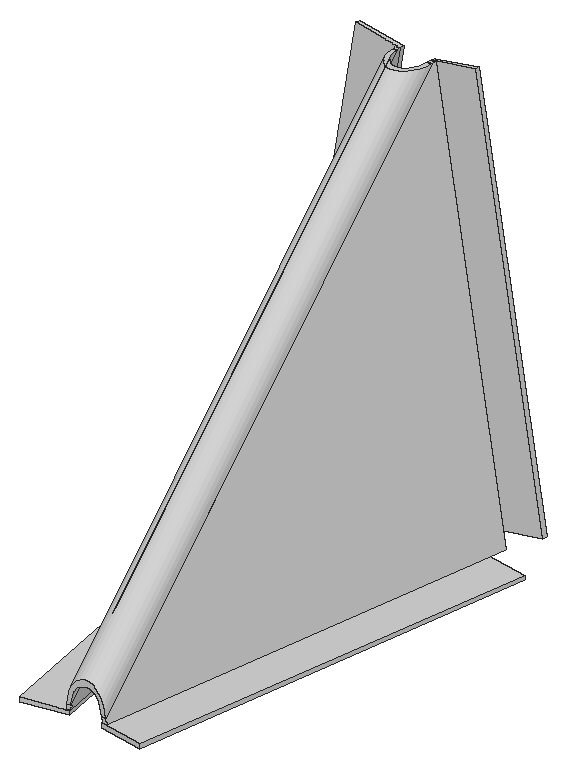
Revit family "EHL_STOP-END CORNER_2170358", category Generic Models, Revit 2018
Family settings
  Can host rebar = No
  Round Connector Dimension = Use Diameter
  Part Type = Normal
  OmniClass Number = 35.51.14.00
  OmniClass Title = FORMWORK
  Work Plane-Based = Yes
  Always vertical = No
  Cut with Voids When Loaded = No
  Shared = Yes
  Room Calculation Point = No
Parameters
  VERSION = "20170217"  # constant formula
  URL = "www.ulmaconstruction.com/en"
  UNICLASS = ""
  Manufacturer = "ULMA CONSTRUCTION"  # constant formula
  ITEM_CODE = "2170358"
  FILTER [instance] = ""
  Default Elevation = 0.000 mm
  CLASSIFICATION_TITLE = ""
  CLASSIFICATION_NUMBER = ""
Reference planes
  plane 1 "Centro (Frontal/Posterior)": y = 0
  plane 2: z = 0
  plane 3 "Centro (Izquierda/Derecha)": x = 0
  plane 4 "INCLINATED PLANE": through (30.083, -213.057, 1200) normal (-0.1674, -0.9859, 0)
Forms (mm)
  Extrusion 1, solid, material "ULMA ZINC"
    sketch origin (0, 0, 0) x (1, 0, 0) y (0, 1, 0)
      loop
        line (-30.083, -213.057) -> (-7.953, -209.3) -> (-41.834, -9.722) -> (-63.964, -13.479) -> (-30.083, -213.057)
      loop
        line (30.083, -213.057) -> (63.964, -13.479) -> (41.834, -9.722) -> (7.953, -209.3) -> (30.083, -213.057)
    from 0 to 2
  Extrusion 2, solid, material "ULMA ZINC"
    sketch origin (0, 0, 0) x (1, 0, 0) y (0, 0, 1)
      loop
        line (-63.964, 13.479) -> (-41.834, 9.722) -> (-7.953, 209.3) -> (-30.084, 213.057) -> (-63.964, 13.479)
      loop
        line (63.964, 13.479) -> (30.083, 213.057) -> (7.953, 209.3) -> (41.834, 9.722) -> (63.964, 13.479)
    from 0 to 2
  Extrusion 3, solid, material "ULMA ZINC"
    sketch origin (-34.314, -202.125, 0) x (0.985894, -0.16737, 0) y (0, 0, 1)
      loop
        line (8.176, 209.3) -> (42.871, 2) -> (44.899, 2) -> (10.148, 209.63) -> (8.176, 209.3)
    from -213.656 to 0
  Extrusion 4, void
    sketch origin (0, 0, 0) x (0, 1, 0) y (0, 0, 1)
      loop
        line (-2, 211.178) -> (-2, -3.822) -> (15.108, -3.822) -> (15.108, 211.178) -> (-2, 211.178)
    from -69.693 to 63.964
  Extrusion 5, solid, material "ULMA ZINC"
    sketch origin (34.314, -202.125, 0) x (-0.985894, -0.16737, 0) y (0, 0, -1)
      loop
        line (8.176, -209.3) -> (10.148, -209.63) -> (44.899, -2) -> (42.871, -2) -> (8.176, -209.3)
    from -213.656 to 0
  Extrusion 6, void
    sketch origin (0, 0, 0) x (0, 1, 0) y (0, 0, 1)
      loop
        line (-2.596, 210.888) -> (-2.596, 225.888) -> (-236.969, 225.888) -> (-236.969, 2.986) -> (-210.499, 2.986) -> (-2.596, 210.888)
    from -56.183 to 50.828
  Extrusion 7, solid, material "ULMA ZINC"
    sketch origin (0, -102.844, -102.844) x (0, 0.707107, -0.707107) y (-1, 0, 0)
      loop
        arc (-150.956, 9.639) -> (-160.595, 0) -> (-150.956, -9.639) r 9.639
        line (-150.956, -9.639) -> (-150.956, -7.639)
        arc (-150.956, -7.639) -> (-158.595, 0) -> (-150.956, 7.639) r 7.639
        line (-150.956, 7.639) -> (-150.956, 9.639)
    from -2.141 to 292.723
  Extrusion 8, void
    sketch origin (0, 0, 0) x (0, 1, 0) y (0, 0, 1)
      loop
        line (-2, 209.3) -> (-2, 219.191) -> (-19.164, 219.191) -> (-19.164, 209.3) -> (-2, 209.3)
    from -14.751 to 12.935
  Extrusion 9, void
    sketch origin (0, 0, 0) x (0, 1, 0) y (0, 0, 1)
      loop
        line (-209.034, 2) -> (-209.034, 19.338) -> (-218.5, 19.338) -> (-218.5, 2) -> (-209.034, 2)
    from -11.744 to 10.425
Cuts and joins
  Extrusion 4, Extrusion 6, Extrusion 8, Extrusion 9 cuts Extrusion 3
  Extrusion 8, Extrusion 9 cuts Extrusion 7
  Extrusion 9 cuts Extrusion 1
  Extrusion 4, Extrusion 6, Extrusion 8, Extrusion 9 cuts Extrusion 5
Lines and regions (mm)
  model lines, style "ULMA EHL COMMON", detail levels fine
    curve 1: circle (-50.459, -21.329, 0) r 2.5 normal (0, 0, 1)
    curve 2: circle (-52.041, -41.884, 0) r 2.5 normal (0, 0, 1)
    curve 3: circle (-43.764, -60.765, 0) r 2.5 normal (0, 0, 1)
    curve 4: circle (-45.347, -81.32, 0) r 2.5 normal (0, 0, 1)
    curve 5: circle (-37.07, -100.201, 0) r 2.5 normal (0, 0, 1)
    curve 6: circle (-38.652, -120.756, 0) r 2.5 normal (0, 0, 1)
    curve 7: circle (-30.375, -139.637, 0) r 2.5 normal (0, 0, 1)
    curve 8: circle (-31.957, -160.191, 0) r 2.5 normal (0, 0, 1)
    curve 9: circle (-23.68, -179.073, 0) r 2.5 normal (0, 0, 1)
    curve 10: circle (-25.263, -199.627, 0) r 2.5 normal (0, 0, 1)
    curve 11: circle (25.263, -199.627, 0) r 2.5 normal (0, 0, 1)
    curve 12: circle (23.681, -179.073, 0) r 2.5 normal (0, 0, 1)
    curve 13: circle (31.957, -160.191, 0) r 2.5 normal (0, 0, 1)
    curve 14: circle (30.376, -139.637, 0) r 2.5 normal (0, 0, 1)
    curve 15: circle (38.653, -120.756, 0) r 2.5 normal (0, 0, 1)
    curve 16: circle (37.07, -100.201, 0) r 2.5 normal (0, 0, 1)
    curve 17: circle (45.347, -81.32, 0) r 2.5 normal (0, 0, 1)
    curve 18: circle (43.765, -60.765, 0) r 2.5 normal (0, 0, 1)
    curve 19: circle (52.041, -41.884, 0) r 2.5 normal (0, 0, 1)
    curve 20: circle (50.46, -21.33, 0) r 2.5 normal (0, 0, 1)
    curve 21: circle (-50.459, -21.329, 2) r 2.5 normal (0, 0, 1)
    curve 22: circle (-52.041, -41.884, 2) r 2.5 normal (0, 0, 1)
    curve 23: circle (-43.764, -60.765, 2) r 2.5 normal (0, 0, 1)
    curve 24: circle (-45.347, -81.32, 2) r 2.5 normal (0, 0, 1)
    curve 25: circle (-37.07, -100.201, 2) r 2.5 normal (0, 0, 1)
    curve 26: circle (-38.652, -120.756, 2) r 2.5 normal (0, 0, 1)
    curve 27: circle (-30.375, -139.637, 2) r 2.5 normal (0, 0, 1)
    curve 28: circle (-31.957, -160.191, 2) r 2.5 normal (0, 0, 1)
    curve 29: circle (-23.68, -179.073, 2) r 2.5 normal (0, 0, 1)
    curve 30: circle (-25.263, -199.627, 2) r 2.5 normal (0, 0, 1)
    curve 31: circle (25.263, -199.627, 2) r 2.5 normal (0, 0, 1)
    curve 32: circle (23.681, -179.073, 2) r 2.5 normal (0, 0, 1)
    curve 33: circle (31.957, -160.191, 2) r 2.5 normal (0, 0, 1)
    curve 34: circle (30.376, -139.637, 2) r 2.5 normal (0, 0, 1)
    curve 35: circle (38.653, -120.756, 2) r 2.5 normal (0, 0, 1)
    curve 36: circle (37.07, -100.201, 2) r 2.5 normal (0, 0, 1)
    curve 37: circle (45.347, -81.32, 2) r 2.5 normal (0, 0, 1)
    curve 38: circle (43.765, -60.765, 2) r 2.5 normal (0, 0, 1)
    curve 39: circle (52.041, -41.884, 2) r 2.5 normal (0, 0, 1)
    curve 40: circle (50.46, -21.33, 2) r 2.5 normal (0, 0, 1)
    curve 41: circle (-19.926, 0, 201.189) r 2.5 normal (0, -1, 0)
    curve 42: circle (-28.203, 0, 182.309) r 2.5 normal (0, -1, 0)
    curve 43: circle (-26.621, 0, 161.754) r 2.5 normal (0, -1, 0)
    curve 44: circle (-34.898, 0, 142.873) r 2.5 normal (0, -1, 0)
    curve 45: circle (-33.316, 0, 122.318) r 2.5 normal (0, -1, 0)
    curve 46: circle (-41.593, 0, 103.437) r 2.5 normal (0, -1, 0)
    curve 47: circle (-40.01, 0, 82.882) r 2.5 normal (0, -1, 0)
    curve 48: circle (-48.287, 0, 64.001) r 2.5 normal (0, -1, 0)
    curve 49: circle (-46.705, 0, 43.446) r 2.5 normal (0, -1, 0)
    curve 50: circle (-54.982, 0, 24.565) r 2.5 normal (0, -1, 0)
    curve 51: circle (50.052, 0, 23.728) r 2.5 normal (0, -1, 0)
    curve 52: circle (51.635, 0, 44.283) r 2.5 normal (0, -1, 0)
    curve 53: circle (43.358, 0, 63.164) r 2.5 normal (0, -1, 0)
    curve 54: circle (44.939, 0, 83.719) r 2.5 normal (0, -1, 0)
    curve 55: circle (36.662, 0, 102.6) r 2.5 normal (0, -1, 0)
    curve 56: circle (38.245, 0, 123.155) r 2.5 normal (0, -1, 0)
    curve 57: circle (29.968, 0, 142.036) r 2.5 normal (0, -1, 0)
    curve 58: circle (31.55, 0, 162.591) r 2.5 normal (0, -1, 0)
    curve 59: circle (23.273, 0, 181.472) r 2.5 normal (0, -1, 0)
    curve 60: circle (24.855, 0, 202.026) r 2.5 normal (0, -1, 0)
    curve 61: circle (-19.926, -2, 201.189) r 2.5 normal (0, -1, 0)
    curve 62: circle (-28.203, -2, 182.309) r 2.5 normal (0, -1, 0)
    curve 63: circle (-26.621, -2, 161.754) r 2.5 normal (0, -1, 0)
    curve 64: circle (-34.898, -2, 142.873) r 2.5 normal (0, -1, 0)
    curve 65: circle (-33.316, -2, 122.318) r 2.5 normal (0, -1, 0)
    curve 66: circle (-41.593, -2, 103.437) r 2.5 normal (0, -1, 0)
    curve 67: circle (-40.01, -2, 82.882) r 2.5 normal (0, -1, 0)
    curve 68: circle (-48.287, -2, 64.001) r 2.5 normal (0, -1, 0)
    curve 69: circle (-46.705, -2, 43.446) r 2.5 normal (0, -1, 0)
    curve 70: circle (-54.982, -2, 24.565) r 2.5 normal (0, -1, 0)
    curve 71: circle (50.052, -2, 23.728) r 2.5 normal (0, -1, 0)
    curve 72: circle (51.635, -2, 44.283) r 2.5 normal (0, -1, 0)
    curve 73: circle (43.358, -2, 63.164) r 2.5 normal (0, -1, 0)
    curve 74: circle (44.939, -2, 83.719) r 2.5 normal (0, -1, 0)
    curve 75: circle (36.662, -2, 102.6) r 2.5 normal (0, -1, 0)
    curve 76: circle (38.245, -2, 123.155) r 2.5 normal (0, -1, 0)
    curve 77: circle (29.968, -2, 142.036) r 2.5 normal (0, -1, 0)
    curve 78: circle (31.55, -2, 162.591) r 2.5 normal (0, -1, 0)
    curve 79: circle (23.273, -2, 181.472) r 2.5 normal (0, -1, 0)
    curve 80: circle (24.855, -2, 202.026) r 2.5 normal (0, -1, 0)
Dimensions and locks
  aligned and locked: level to plane 2
